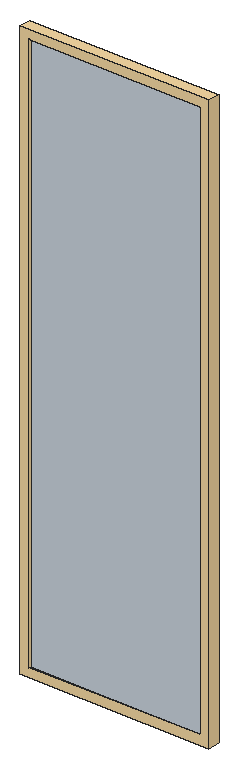
Revit family "镜子_中", category 家具, Revit 2019
Family settings
  OmniClass 编号 = 23.40.20.00
  OmniClass 标题 = General Furniture and Specialties
  基于工作平面 = 否
  总是垂直 = 是
  加载时剪切的空心 = 否
  共享 = 否
  房间计算点 = 否
Parameters (values of type "白橡木")
  高度 = 1000 mm
  长度 = 325 mm
  镜材质 = 镜子
  Description = ""
  框宽度 = 15 mm
  材质 = 橡木_白色_树脂涂装
  成本 = 700
  宽度 = 20 mm
  型号 = "37287525"
  制造商 = "MUJI"
Types (3, lengths in mm): name | 材质 | 成本 | 型号
  (no name) | 橡木_白色_树脂涂装 | 700 | "37287525"
  白橡木 | 橡木_白色_树脂涂装 | 700 | "37287525"
  黑胡桃木 | 胡桃木_黑色_树脂涂装 | 750 | "37287495"
Reference planes
  plane 1 "中心(前/后)": y = 0
  plane 2: z = 0
  plane 3 "中心(左/右)": x = 0
  plane 4: y = -20
  plane 5: z = 1000
  plane 6: x = -162.5
  plane 7: x = 162.5
  plane 8: x = -147.5
  plane 9: x = 147.5
  plane 10: z = 985
  plane 11: z = 15
  plane 12: y = -15
  plane 13: y = -17
Forms (mm)
  Extrusion 1, solid, material "橡木_白色_树脂涂装" <- "材质"
    sketch origin (0, 0, 0) x (1, 0, 0) y (0, 0, 1)
      loop
        line (-162.5, 1000) -> (-162.5, 0) -> (162.5, 0) -> (162.5, 1000) -> (-162.5, 1000)
    from 0 to 20
  Extrusion 2, void
    sketch origin (0, 0, 0) x (1, 0, 0) y (0, 0, 1)
      loop
        line (-147.5, 985) -> (-147.5, 15) -> (147.5, 15) -> (147.5, 985) -> (-147.5, 985)
    from 15 to 20
  Extrusion 3, solid, material "镜子" <- "镜材质"
    sketch origin (0, 0, 0) x (1, 0, 0) y (0, 0, 1)
      loop
        line (-147.5, 985) -> (-147.5, 15) -> (147.5, 15) -> (147.5, 985) -> (-147.5, 985)
    from 15 to 17
Cuts and joins
  Extrusion 2 cuts Extrusion 1
Dimensions and locks
  "宽度": plane 4 to plane 1 "中心(前/后)"
  equal spacing: plane 7, plane 3 "中心(左/右)", plane 6
  "长度": plane 7 to plane 6
  "高度": plane 5 to plane 2
  "框宽度": plane 11 to plane 2
  "框宽度": plane 5 to plane 10
  "框宽度": plane 8 to plane 6
  "框宽度": plane 7 to plane 9
  locked: plane 12 to plane 4 at 5
  locked: plane 12 to plane 13 at 2
  aligned and locked: level to plane 2
  aligned and locked: Extrusion 1 sketch curve to plane 5
  aligned and locked: plane 6 to Extrusion 1 sketch curve
  aligned and locked: level to Extrusion 1 sketch curve
  aligned and locked: Extrusion 1 sketch curve to plane 7
  aligned and locked: Extrusion 1 to plane 4
  aligned and locked: Extrusion 2 sketch curve to plane 10
  aligned and locked: plane 8 to Extrusion 2 sketch curve
  aligned and locked: plane 11 to Extrusion 2 sketch curve
  aligned and locked: Extrusion 2 sketch curve to plane 9
  aligned and locked: plane 12 to Extrusion 2
  aligned and locked: Extrusion 2 to plane 4
  aligned and locked: Extrusion 3 sketch curve to plane 9
  aligned and locked: Extrusion 3 sketch curve to plane 10
  aligned and locked: plane 8 to Extrusion 3 sketch curve
  aligned and locked: plane 11 to Extrusion 3 sketch curve
  aligned and locked: plane 12 to Extrusion 3
  aligned and locked: Extrusion 3 to plane 13
